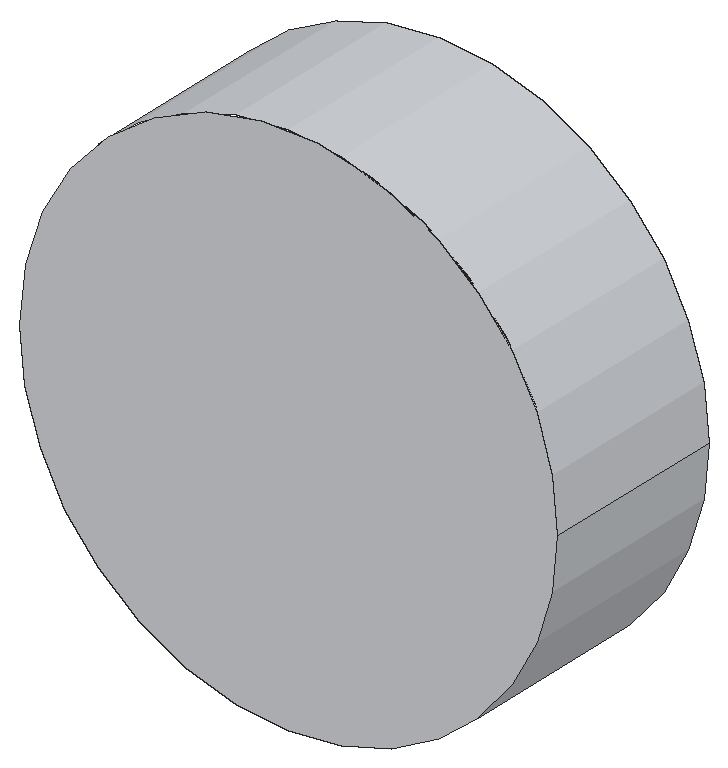
Revit family "Building-FlushMountingEnclosures-GEWISS-24SC-BOXES_ROUND_MODULAR", category Apparecchi elettrici, host Muro, Revit 2016
Family settings
  Host = Muro
  Mantenere orientamento annotazione = Sì
  Tipo di parte = Normale
  Quota connettore circolare = Usa diametro
  Numero OmniClass = 23.80.30.14.24
  Titolo OmniClass = Junction Boxes
  Sempre verticale = Sì
  Taglio con vuoti quando caricato = Sì
  Condiviso = Sì
  Punto di calcolo locali = Sì
Parameters (values of type "GW24232 - Sectional round box")
  Version file RFA = "19.0"
  URL = "https://www.gewiss.com/ww/en"
  Thermo-pressure with ball = "70 °C"
  Technical sheet = "https://www.gewiss.com/ww/en/search?q=GW24232"
  SEO = "Box"
  Realized by GEWISS S.p.A. = ""
  Produttore = "GEWISS S.p.A."
  Operating temperature = "-15 ÷ +60°C"
  Modello = "GW24232"
  Installation = "Flush mounting enclosures"
  Immagine tipo = GW24232.jpg
  IFC.TypeObject = ""
  IFC.ExportType = ""
  IFC.ExportAs = ""
  IDT = "d3faba48-2ce0-441e-8284-55e0996afa80"
  IDF = "0d95521e-4609-4240-9dad-304ee1fb8deb"
  Glow Wire Test = "650°C"
  For walls = "Masonry"
  Fixing supports axles distance = "60MM"
  Electrocod = "0210"
  EAN code = "8011564072312"
  Dimensions (mm) = "Ø 60 x 42"
  Descrizione = "SECTIONAL ROUND BOX"
  Description: = "Modular round"
  Characteristics = "Halogen free"
  Catalogue Range = "24SC"
  Catalogue = "BUILDING"
  COBie.Tagnumber = ""
  COBie.CreatedOn = ""
  COBie.CreatebBy = ""
  COBie.ComponentRegisterItemID = ""
  COBie.Component.TagNumber = ""
  COBie.Component.Space = ""
  COBie.Component.SerialNumber = ""
  COBie.Component.InstallationDate = ""
  COBie.Component.Description = ""
  COBie.Component.BarCode = ""
Reference planes
  plane 1 "Muro": y = 0
  plane 2 "Centro (Sinistra/Destra)": x = 125
  plane 3 "Indietro": y = 75
  plane 4: y = 33
  plane 5: y = 38
Forms (mm)
  Extrusion 1, solid
    sketch origin (0, 0, -607.389) x (1, 0, 0) y (0, 0, 1)
      loop
        circle (125, 1113.389) r 60
    from -75 to -33
  Extrusion 2, void
    sketch origin (0, 105, -607.389) x (1, 0, 0) y (0, 0, 1)
      loop
        circle (125, 1113.389) r 55
    from 30 to 67
  Extrusion 3, void
    sketch origin (0, 65, -607.389) x (1, 0, 0) y (0, 0, 1)
      loop
        circle (125, 1113.389) r 60
    from -10 to 32
Cuts and joins
  Extrusion 2 cuts Extrusion 1
Text (mm)
  text "Lato posizionamento" at (-1848.837, 1116.779, 0), in view "Livello rif."
  text "Lato posizionamento" at (0, 1409.804, 2854.306), in view "Sinistra"
  text "Lato posizionamento" at (0, 499.811, 2980.732), in view "Destra"
Dimensions and locks
  locked: plane 3 "Indietro" to host wall
  locked: plane 4 to plane 3 "Indietro" at 42
  plane 5 to plane 4 = 5 mm
  aligned and locked: plane 1 "Muro" to host wall
  aligned and locked: Extrusion 1 to plane 4
  aligned and locked: Extrusion 1 to plane 3 "Indietro"
  aligned and locked: Extrusion 2 to plane 5
  aligned and locked: Extrusion 2 to plane 3 "Indietro"
  aligned and locked: Extrusion 3 to plane 4
  aligned and locked: Extrusion 3 to plane 3 "Indietro"
